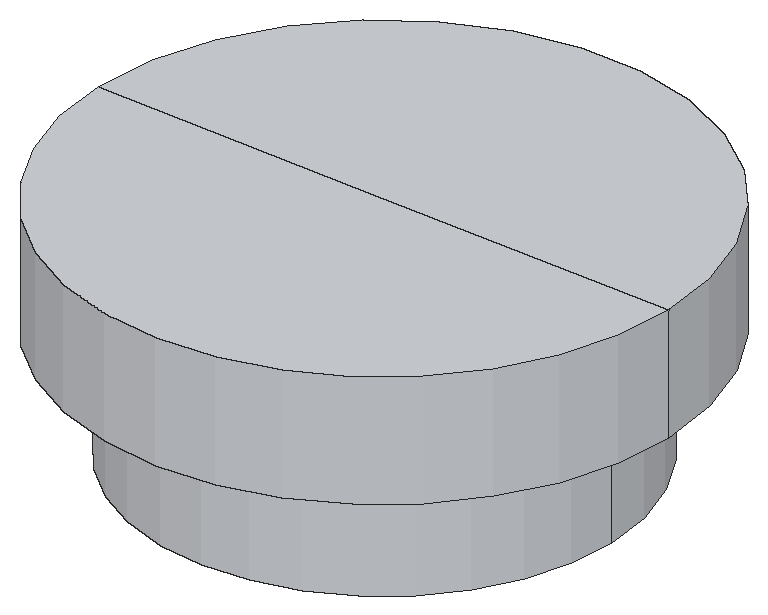
Revit family "LS_D_Praesenzmelder_V1700", category Lichtschalter, Revit 2017
Family settings
  Beschriftungsausrichtung beibehalten = Nein
  Bemaßung runder Anschluss = Radius verwenden
  Teiletyp = Normal
  OmniClass-Nummer = 23.80.00.00
  OmniClass-Titel = Electric Power and Lighting
  Arbeitsebenenbasiert = Ja
  Immer vertikal = Ja
  Beim Laden mit Abzugskörper schneiden = Nein
  Gemeinsam genutzt = Nein
  Raumberechnungspunkt = Ja
Parameters (values of type "Beleuchtung_INSTA")
  pbr_Material_KZ = ""
  pbr_Material = none
  pbr_E_Typ = ""
  pbr_E_KZ = ""
  pbr_DINBild = 0
  pbr_Bild = 0
  pbr_3Dx_Delta_Korrekturversatz [instance] = 0 mm
  pbr_3DX_Versatzfaktor [instance] = 0
  pbr_2DY_Versatzfaktor [instance] = 0
  pbr_2DX_Versatzfaktor [instance] = 0
  lfd_STRK [instance] = 0
  cpiFitMatchKey [instance] = "E-BM-RM"
  Zentrale [instance] = ""
  YFrontversatz [instance] = if(pbr_2DY_Versatzfaktor = 300, 0 mm, pbr_2DY_Versatzfaktor * 300 mm)  # 0 mm
  XSeitenversatz [instance] = 0 mm
  X3Dversatz [instance] = if([3DX_Versatzkontrolle] = 0, 2000 mm, 2000 mm + ([3DX_Versatzkontrolle] * (300 mm - Breite))) + pbr_3Dx_Delta_Korrekturversatz  # 2000 mm
  Default Elevation = 1219.2 mm
  Typ [instance] = ""
  Tiefe = Breite  # 200 mm
  Text3 [instance] = ""
  Text2 [instance] = ""
  Text1 [instance] = ""
  Symbollänge [instance] = 0 mm
  Symbolabstand1 [instance] = if(Symbollänge = 0 mm, Tiefe, Symbollänge)  # 200 mm
  Symbolabstand [instance] = if(Symbollänge = 0 mm, Breite, Symbollänge)  # 200 mm
  Schaltgruppe2 [instance] = 0
  Schaltgruppe1 [instance] = 0
  Radius_Melder = Breite * 0.4  # 80 mm
  Präsenzmelder Beleuchtung (INSTA) = yes
  Präsenzmelder (EMA) = no
  Planungsbüro Rohling = "www.pbr.de"
  Netzart = ""
  Menge(Dosenzahl) [instance] = 0
  Material = none
  Linie/Anschluss [instance] = ""
  Lastklassifizierung = none
  Installationsart [instance] = ""
  Info [instance] = ""
  Höhe = 80 mm
  Gewerk [instance] = "Schalt"
  Breite = 200 mm
  3DX_Versatzkontrolle [instance] = if(pbr_3DX_Versatzfaktor = 0, (pbr_2DX_Versatzfaktor * -1), (((-1 * pbr_3DX_Versatzfaktor) + pbr_2DX_Versatzfaktor) * -1))  # 0
  3DX_Versatz [instance] = 0 mm
Types (2, lengths in mm): name | Präsenzmelder Beleuchtung (INSTA) | Präsenzmelder (EMA)
  EMA | no | yes
  Beleuchtung_INSTA | yes | no
Reference planes
  plane 1 "Mitte (Vorne/Hinten)": y = 0
  plane 2: z = 0
  plane 3 "Mitte (Links/Rechts)": x = 0
  plane 4: y = 100
  plane 5: x = 100
  plane 6: y = -100
  plane 7: x = -100
  plane 8: y = -100
  plane 9: y = 100
  plane 10: x = -100
  plane 11: x = 100
  plane 12: z = 80
  plane 13: z = 40
Forms (mm)
  Revolve 1, solid, material <- "Material"
    sketch origin (0.104, 0.058, -0.046) x (1, 0, 0) y (0, 0, 1)
      loop
        line (0, 80.046) -> (0, 0) -> (79.896, 0) -> (79.896, 40.046) -> (99.896, 40.046) -> (99.896, 80.046) -> (0, 80.046)
      axis (0, 0) -> (0, 80.046)
    angle from 0 to 360
Lines and regions (mm)
  reference lines
    curve 1: line (0, 0, 1407.319) -> (0, 0, 1447.319)
Dimensions and locks
  equal spacing: plane 7, plane 3 "Mitte (Links/Rechts)", plane 5
  equal spacing: plane 6, plane 1 "Mitte (Vorne/Hinten)", plane 4
  "Symbolabstand": plane 7 to plane 5
  "Symbolabstand1": plane 4 to plane 6
  equal spacing: plane 8, plane 1 "Mitte (Vorne/Hinten)", plane 9
  "Tiefe": plane 8 to plane 9
  equal spacing: plane 10, plane 3 "Mitte (Links/Rechts)", plane 11
  "Breite": plane 10 to plane 11
  "Höhe": plane 12 to plane 2
  equal spacing: plane 12, plane 13, level
  "Radius_Melder": Revolve 1 sketch curve to plane 3 "Mitte (Links/Rechts)"
  aligned and locked: level to plane 2
  aligned and locked: Revolve 1 sketch curve to plane 12
  aligned and locked: plane 3 "Mitte (Links/Rechts)" to nested 1
  aligned and locked: plane 1 "Mitte (Vorne/Hinten)" to nested 1
  aligned and locked: plane 3 "Mitte (Links/Rechts)" to nested 2
  aligned and locked: plane 1 "Mitte (Vorne/Hinten)" to nested 2
Automatic sketch dimensions
  curve 1 to plane 3 "Mitte (Links/Rechts)" = 0 mm
  level to curve 1 = 1407.319 mm
  curve 1 to curve 1 = 40 mm
  Revolve 1 sketch curve to plane 5 = 0 mm
  Revolve 1 sketch curve to plane 13 = 0 mm
  plane 3 "Mitte (Links/Rechts)" to Revolve 1 sketch curve = 0.104 mm  (x2)
  Revolve 1 sketch curve to level = 0.046 mm
  Revolve 1 sketch curve to plane 13 = 8.096 mm
  Revolve 1 sketch curve to Revolve 1 sketch curve = 75.15 mm
Nested families
  nested 1: "D_PräsenzmelderEMA" at (0, 0, 0), visible <- "Präsenzmelder (EMA)", type "D_PräsenzmelderEMA"
  nested 2: "D_PräsenzmelderINSTA" at (0, 0, 0), visible <- "Präsenzmelder Beleuchtung (INSTA)", type "D_PräsenzmelderINSTA"
Connectors
  electrical at (0.104, 0.058, 80)
    settings: on Revolve 1, index 1, voltage 12 V, apparent load 1 VA, apparent load phase1 0 VA, apparent load phase2 0 VA, apparent load phase3 0 VA, power factor 1, load classification "Sonstige", number of poles 1, system type 30, power factor state 1, is connector primary yes, connector utility no, sub classification motor no, connector description ""
Definition of nested family "D_PräsenzmelderEMA"
  Parameters (values of type "D_PräsenzmelderEMA")
    Lautsprecher = yes
    Design-Lautsprecher = yes
    Anbau-Lautsprecher Typ A = yes
  Reference planes
    plane 1 "Mitte (Vorne/Hinten)": y = 0
    plane 2: z = 0
    plane 3 "Mitte (Links/Rechts)": x = 0
  Lines and regions (mm)
    detail lines, in view "Referenzebene"
      curve 1: circle (0, 0, 0) r 81.076 normal (0, 0, 1)
      curve 2: line (0, 81.076, 0) -> (0, 141.943, 0)
      curve 3: line (0, -81.076, 0) -> (0, -141.943, 0)
      curve 4: line (81.076, 0, 0) -> (141.943, 0, 0)
      curve 5: line (-81.076, 0, 0) -> (-141.943, 0, 0)
      curve 6: line (-100.369, 100.369, 0) -> (-57.329, 57.329, 0)
      curve 7: line (57.329, -57.329, 0) -> (100.369, -100.369, 0)
      curve 8: line (100.369, 100.369, 0) -> (57.329, 57.329, 0)
      curve 9: line (-57.329, -57.329, 0) -> (-100.369, -100.369, 0)
Definition of nested family "D_PräsenzmelderINSTA"
  Parameters (values of type "D_PräsenzmelderINSTA")
    Lautsprecher = yes
    Design-Lautsprecher = yes
    Anbau-Lautsprecher Typ A = yes
  Reference planes
    plane 1 "Mitte (Vorne/Hinten)": y = 0
    plane 2: z = 0
    plane 3 "Mitte (Links/Rechts)": x = 0
  Lines and regions (mm)
    detail lines, in view "Referenzebene"
      curve 1: circle (0, 0, 0) r 81.076 normal (0, 0, 1)
      curve 2: line (0, 81.076, 0) -> (0, 141.943, 0)
      curve 3: line (0, -81.076, 0) -> (0, -141.943, 0)
      curve 4: line (81.076, 0, 0) -> (141.943, 0, 0)
      curve 5: line (-81.076, 0, 0) -> (-141.943, 0, 0)
      curve 6: line (-100.369, 100.369, 0) -> (-57.329, 57.329, 0)
      curve 7: line (57.329, -57.329, 0) -> (100.369, -100.369, 0)
      curve 8: line (100.369, 100.369, 0) -> (57.329, 57.329, 0)
      curve 9: line (-57.329, -57.329, 0) -> (-100.369, -100.369, 0)
